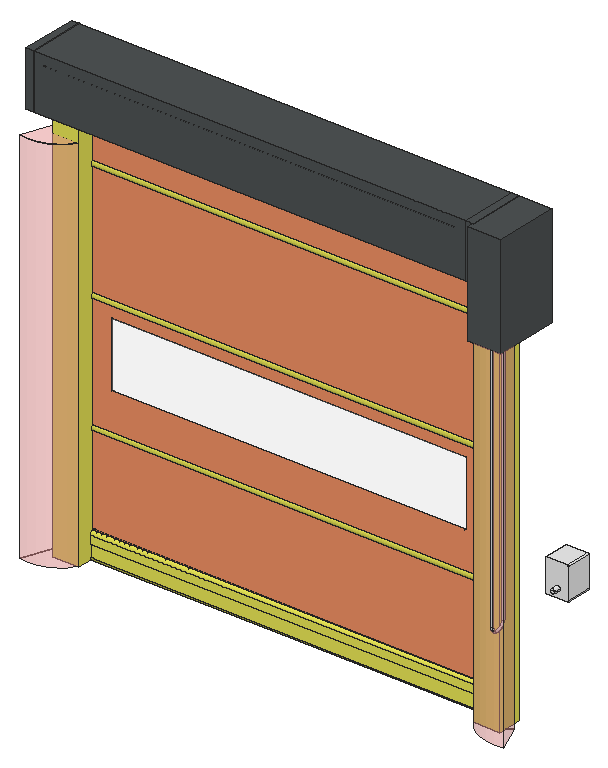
Revit family "Doors_Industrial_Wayne-Dalton_Strutted-Exterior-High-Speed-Fabric-Doors-Model-883-ADV-Xtreme_", category Specialty Equipment, host Wall, Revit 2019
Family settings
  Host = Wall
  Round Connector Dimension = Use Diameter
  Part Type = Normal
  OmniClass Number = 23.30.10.21.34
  OmniClass Title = Industrial Doors
  Always vertical = Yes
  Cut with Voids When Loaded = No
  Shared = No
  Room Calculation Point = No
Parameters (values of type "115 volts, one phase, 60 Hz (110-120V range)")
  Vision Panels [instance] = yes
  True Width [instance] = [Door Width (Real)]  # 120"
  True Height [instance] = [Door Height (Real)] + 6 1/2"  # 126 1/2"
  Three Phase Controller [instance] = not(One Phase Controller)  # no
  Rough Width [instance] = [Door Width (Real)]  # 120"
  Rough Height [instance] = [Door Height (Real)] - 4 1/2"  # 115 1/2"
  Product Page URL = "https://www.wayne-dalton.com/high-speed-exterior-fabric-door-883"
  Powder Coat (Note) = "Standard color for guides and bottom bar is yellow. Approximately 200 optional RAL powder coat colors are also available."  # constant formula
  Panel Material [instance] = PVC - Wayne Dalton - Orange (Exterior)
  One Phase Controller [instance] = if(Number of Poles = 1, 1 = 1, 1 = 2)  # yes
  Motor Cover [instance] = yes
  Hood Type [instance] = if(or(Hood Option < 1, Hood Option = 1), "Standard", "Sloped")  # "Standard"
  Hood Material = Metal - Wayne Dalton - Black
  Headroom Height [instance] = if(or(Hood Option < 1, Hood Option = 1), 27 1/2", if(or(Hood Option > 2, Hood Option = 2), 36 1/2", 36 1/2"))  # 27 1/2"
  Hood Option [instance] = 1
  External Transformer = if(or(Voltage = 208 V, Voltage = 575 V), 1 = 1, 1 = 2)  # no
  Door Width (Real) [instance] = if(Door Width > Max Door Width, Max Door Width, if(Door Width < Min Door Width, Min Door Width, Door Width))  # 120"
  Door Height (Real) [instance] = if(Door Height > Max Door Height, Max Door Height, if(Door Height < Min Door Height, Min Door Height, Door Height))  # 120"
  Voltage = 115 V
  URL = "https://www.wayne-dalton.com/"
  Product data url = "https://www.bimobject.com/wayne-dalton/product/high-speed-exterior-fabric-door-883"
  Product Guid = "d8381a5e-ac78-4f47-b5df-83490f72bf0d"
  Power Factor = 1
  Number of Poles = 1
  Model = "883"  # constant formula
  Min Door Width [instance] = 48"  # constant formula
  Min Door Height [instance] = 72"  # constant formula
  Max Door Width [instance] = 240"  # constant formula
  Max Door Height [instance] = 240"  # constant formula
  Manufacturer = "Wayne Dalton"  # constant formula
  Frequency = 60 Hz  # constant formula
  Wall Closure = By host
  Floor To (CL) of Shaft [instance] = [Door Height (Real)] + 5 1/2"  # 125 1/2"
  Connector Description = "Rapidflex Large Control Panel"  # constant formula
  Finish Material = Finish - Wayne Dalton - Yellow
  Door Width [instance] = 120"
  Door Height [instance] = 120"
  Description = "Made of a rugged fabric material, Wayne Dalton’s Model 883 ADV-Xtreme strutted high speed fabric door is designed for applications where a fast-acting exterior door is needed. Model 883 ADV-Xtreme’s strutted design allows for quick section replacement, while reducing curtain deflection under pressure. This door is capable of withstanding pressure of up to 19.5 psf. Model 883 ADV-Xtreme is designed to be low maintenance and includes such features as breakaway impact detection and push button self-repair, along with plug and play wiring."  # constant formula
  Current = 20 A
  Clearance [instance] = yes
  Backroom Depth [instance] = 17 1/4"  # constant formula
  Apparent Load Phase 3 = if(Number of Poles = 1, 0 VA, (Voltage * Current * sqrt(3)) / 3)  # 0 VA
  Apparent Load Phase 2 = if(Number of Poles = 1, 0 VA, (Voltage * Current * sqrt(3)) / 3)  # 0 VA
  Apparent Load Phase 1 = if(Number of Poles = 1, Voltage * Current, (Voltage * Current * sqrt(3)) / 3)  # 2300 VA
Reference planes (in)
  plane 1 "Center (Front/Back)": y = 0
  plane 2 "Center (Left/Right)": x = 0
  plane 3 "Left": x = -60
  plane 4 "Right": x = 60
  plane 5 "Exterior": y = 3.00375
  plane 6 "Interior": y = -2.99625
  plane 7: x = 60
  plane 8: x = -60
  plane 9: z = 115.5
  plane 10 "Main": y = -7.11344
  plane 11: y = -20.24625
  plane 12 "Main Door Block": y = -2.99625
  plane 13: z = 47.47
  plane 14: y = -5.16813
  plane 15: y = -5.24829
  plane 16: y = -5.08796
  plane 17: z = 120
Lines and regions (in)
  Opening 1
    outline origin (-90, -2.99625, 0) x (1, 0, 0) y (0, 0, 1)
      loop
        line (30, 0) -> (150, 0) -> (150, 115.5) -> (30, 115.5) -> (30, 0)
Text (in)
  text "Exterior" at (-74.96733, -29.37398, 0), in view "Ref. Level"
  text "Interior" at (-74.96733, 20.10035, 0), in view "Ref. Level"
  text "Exterior" at (0, 40.15149, 123.01588), in view "Right"
  text "Interior" at (0, -64.39139, 123.01588), in view "Right"
  text "Interior" at (0, -31.01599, 123.00693), in view "Left"
  text "Exterior" at (0, 54.57065, 123.00693), in view "Left"
Dimensions and locks (in)
  equal spacing: plane 3 "Left", plane 2 "Center (Left/Right)", plane 4 "Right"
  "Door Width (Real)": plane 3 "Left" to plane 4 "Right"
  level to host wall = 459.59655"
  equal spacing: plane 8, plane 2 "Center (Left/Right)", plane 7
  "Rough Width": plane 7 to plane 8
  "Backroom Depth": plane 6 "Interior" to plane 11
  plane 9 to level = 115 1/2"
  locked: plane 12 "Main Door Block" to plane 10 "Main" at 4.11719
  plane 1 "Center (Front/Back)" to plane 6 "Interior" = 2.99625"
  locked: plane 14 to plane 6 "Interior" at 2.17187
  locked: plane 15 to plane 16 at 0.16033
  equal spacing: plane 15, plane 14, plane 16
  locked: plane 17 to plane 9 at 4.5
  "Door Height (Real)": plane 17 to level
  aligned and locked: Opening 1 sketch curve to level
  aligned and locked: plane 5 "Exterior" to host wall
  aligned and locked: host wall to plane 6 "Interior"
  aligned and locked: plane 8 to Opening 1 sketch curve
  aligned and locked: plane 7 to Opening 1 sketch curve
  aligned and locked: plane 12 "Main Door Block" to plane 6 "Interior"
  aligned and locked: plane 12 "Main Door Block" to nested 1
  aligned and locked: nested 1 to plane 2 "Center (Left/Right)"
  aligned and locked: level to nested 1
  aligned and locked: Opening 1 sketch curve to plane 9
  aligned and locked: plane 2 "Center (Left/Right)" to nested 2
Nested families (in)
  nested 1: "Lifts" at (0, -2.99625, 0) x (-1, 0, 0) z (0, 0, 1), Motor Cover <- "Motor Cover", One Phase Controller <- "One Phase Controller", Three Phase Controller <- "Three Phase Controller", Header Option <- "Hood Option", type "Frame Unit"
    with Three Phase Controller no, Standard Motor Housing yes, Standard Headroom with Break Cover yes, Standard Headroom Hood yes, Sloped Motor Housing no, Sloped Headroom Hood no, Shaft Length 9 1/2", Rod 2 no, Right Motor Position yes, One Phase Controller yes, Motor Cover Off no, Motor Cover yes, Masking Region Right Motor Three Phase no, Masking Region Right Motor no, Headroom Offset 0", Header Option 1, Guid Option 1, Floor To CL Shaft 134 3/4", Electric Operator Position 171 1/2"
  nested 2: "Panel" at (0, -5.08796, 0), type "Panel"
Connectors (in)
  electrical at (85.75194, -10.53625, 47.99806), driven by "Number of Poles", driven by "Voltage", driven by "Apparent Load Phase 1", driven by "Power Factor", driven by "Connector Description", driven by "Apparent Load Phase 2", driven by "Apparent Load Phase 3"
    settings: on nested 1, index 1, voltage 115 V, apparent load 0 VA, apparent load phase1 2300 VA, apparent load phase2 0 VA, apparent load phase3 0 VA, power factor 1, load classification "Other", number of poles 1, system type 31, power factor state 1, is connector primary yes, connector utility no, sub classification motor no, connector description "Rapidflex Large Control Panel"
Definition of nested family "Lifts"
  Parameters (values of type "Frame Unit")
    Three Phase Controller [instance] = no
    Standard Motor Housing [instance] = if(and(Motor Cover, or(Header Option < 1, Header Option = 1)), 1 = 1, 1 = 2)  # no
    Standard Headroom with Break Cover [instance] = yes
    Standard Headroom Hood [instance] = if(and(Hood Option, or(Header Option < 1, Header Option = 1, Header Option = 2)), 1 = 1, 1 = 2)  # yes
    Spool Radius = 4 1/2"
    Sloped Motor Housing [instance] = if(and(Motor Cover, or(Header Option > 2, Header Option = 2)), 1 = 1, 1 = 2)  # yes
    Sloped Headroom Hood [instance] = if(and(Hood Option, or(Header Option > 2, Header Option = 2)), 1 = 1, 1 = 2)  # yes
    Shaft Material = none
    Shaft Length [instance] = 9 1/2"  # constant formula
    Rod 2 [instance] = if(and(not(Motor Cover), Right Motor Position), 1 = 1, 1 = 2)  # no
    Right Motor Position [instance] = yes
    Opening Width = 120"
    One Phase Controller [instance] = yes
    Naked Header = not(Hood Option)  # no
    Motor Cover Off [instance] = not(Motor Cover)  # no
    Motor Cover [instance] = yes
    Masking Region Right Motor Three Phase [instance] = if(and(Right Motor Position, Three Phase Controller), 1 = 1, 1 = 2)  # no
    Masking Region Right Motor [instance] = if(and(Right Motor Position, Motor Cover Off), 1 = 1, 1 = 2)  # no
    Hood Option = yes
    Hood Offset (Real) = if(Hood Offset < 4 1/2", 4 1/2", if(Hood Offset > Opening Height / 2, Opening Height / 2, Hood Offset))  # 4 1/2"
    Hood Offset = 0"
    Hood Material = none
    Headroom Offset [instance] = if(or(Header Option < 1, Header Option = 1), 0", if(or(Header Option > 2, Header Option = 2), 9", 9"))  # 9"
    Headroom Height = 27 1/2"
    Header Width = 17 1/4"
    Header Option [instance] = 2
    Header Height = 16 1/2"
    Guid Width = 8"
    Guid Option [instance] = 1
    Floor To CL Shaft [instance] = Opening Height + Headroom Height - 8 1/4" - Headroom Offset  # 125 3/4"
    External Transformer = no
    Electric Operator Position [instance] = if(Right Motor Position, (25 3/4" * 2 + Opening Width), 0")  # 171 1/2"
    Clearance = yes
    Opening Height = 115 1/2"
    Finish Material = none
    Bottom Bar = yes
    Analytic Construction = "<None>"
  Reference planes (in)
    plane 1 "Center (Front/Back)": y = 0
    plane 2: z = 0
    plane 3 "Center (Left/Right)": x = 0
    plane 4 "Left": x = -60
    plane 5 "Right": x = 60
    plane 6 "Center Line of Shaft": z = 125.75
    plane 7 "Headroom Top": z = 134
    plane 8 "Opening Height": z = 115.5
    plane 9: x = -77.38
    plane 10 "Shaft": x = -75.54413
    plane 11 "Box": x = -85.75
    plane 12 "EBOX": z = 48
    plane 13: z = 39.09375
    plane 14: z = 56.90625
    plane 15: z = 43.5
    plane 16: y = 7.54
    plane 17: z = 117.5
    plane 18: y = 17.25
    plane 19: x = 69.5
    plane 20: x = 68
    plane 21: x = -68
    plane 22: x = -78
    plane 23: x = -93.5
    plane 24: y = 5.75
    plane 25: y = 2.17
    plane 26 "Center L/MM": x = 85.75
    plane 27: z = 53
    plane 28: z = 43
    plane 29: x = -82.25
    plane 30: x = -89.25
    plane 31: y = 7.54
    plane 32 "1": z = 45.56
    plane 33 "Sloped motor LH": x = -71.125
    plane 34 "Sloped motor RH": x = 71.125
    plane 35: z = 143
    plane 36: y = 5.75
  Forms (in)
    Extrusion 1, solid, material <- "Shaft Material"
      sketch origin (0, 0, 0) x (0, 1, 0) y (0, 0, 1)
        loop
          circle (8.625, 125.75) r 0.78
      from -77.38 to 69.5
    Extrusion 2, solid, visible <- "Three Phase Controller"
      sketch origin (-1.95651, 0, 0) x (1, 0, 0) y (0, 0, 1)
        loop
          line (-76.54349, 56.90625) -> (-91.04349, 56.90625)
          arc (-91.04349, 56.90625) -> (-91.39704, 56.7598) -> (-91.54349, 56.40625) r 0.5
          line (-91.54349, 56.40625) -> (-91.54349, 39.59375)
          arc (-91.54349, 39.59375) -> (-91.39704, 39.2402) -> (-91.04349, 39.09375) r 0.5
          line (-91.04349, 39.09375) -> (-76.54349, 39.09375)
          arc (-76.54349, 39.09375) -> (-76.18993, 39.2402) -> (-76.04349, 39.59375) r 0.5
          line (-76.04349, 39.59375) -> (-76.04349, 56.40625)
          arc (-76.04349, 56.40625) -> (-76.18993, 56.7598) -> (-76.54349, 56.90625) r 0.5
      from -7.54 to 0
    Revolve 3, solid, visible <- "Three Phase Controller"
      sketch origin (-55.03203, -180, 43.5) x (-1, 0, 0) y (0, -1, 0)
        loop
          line (27.35797, -187.54) -> (26.60797, -187.54) -> (26.75797, -189.312) -> (27.35797, -189.312) -> (27.35797, -187.54)
        axis (27.35797, -187.54) -> (27.35797, -189.312)
      angle from 0 to 360
    Extrusion 4, solid, material <- "Finish Material"
      sketch origin (0, 0, 0) x (1, 0, 0) y (0, 1, 0)
        loop
          line (-68, 0) -> (-60, 0) -> (-60, 7.21875) -> (-68, 7.21875) -> (-68, 0)
        loop
          line (68, 0) -> (68, 7.21875) -> (60, 7.21875) -> (60, 0) -> (68, 0)
      from 0 to 117.5
    Extrusion 5, solid, material <- "Hood Material", visible <- "Standard Headroom Hood"
      sketch origin (0, 0, 0) x (0, 1, 0) y (0, 0, 1)
        loop
          line (0, 117.5) -> (17.25, 117.5) -> (17.25, 134) -> (0, 134) -> (0, 117.5)
      from -68 to 68
    Sweep 6, solid, material <- "Hood Material"
      path origin (0, 0, 0) x (0, 1, 0) y (0, 0, 1)
        loop
          line (0, 117.5) -> (17.25, 117.5) -> (17.25, 134) -> (0, 134) -> (0, 117.5)
      profile origin (0, 0, 125.75) x (0, -1, 0) y (1, 0, 0)
        loop
          line (0, -68) -> (0, -65.8) -> (-0.5, -65.8) -> (-0.5, -68) -> (0, -68)
        loop
          line (0, 68) -> (-0.5, 68) -> (-0.5, 65.80145) -> (0, 65.80145) -> (0, 68)
    Extrusion 7, solid, material <- "Hood Material"
      sketch origin (0, 0, 0) x (1, 0, 0) y (0, 1, 0)
        loop
          line (68, 0) -> (68, 17.25) -> (67.495, 17.25) -> (67.495, 0) -> (68, 0)
        loop
          line (-68, 0) -> (-67.495, 0) -> (-67.495, 17.25) -> (-68, 17.25) -> (-68, 0)
      from 117.5 to 134
    Extrusion 8, solid, material <- "Hood Material"
      sketch origin (-60, -60, 48) x (0, -1, 0) y (0, 0, 1)
        loop
          circle (-68.62, 77.75) r 4.5
      from 7.24519 to 6.06954
    Extrusion 9, solid, visible <- "External Transformer"
      sketch origin (0, 0, 48) x (1, 0, 0) y (0, 1, 0)
        loop
          line (-92.625, 0) -> (-78.875, 0) -> (-78.875, 0.125) -> (-81.25, 0.125) -> (-81.25, 9.3125) -> (-90.25, 9.3125) -> (-90.25, 0.125) -> (-92.625, 0.125) -> (-92.625, 0)
      from -19.13 to -10
    Extrusion 10, solid, visible <- "Clearance"
      sketch origin (0, 0, 0) x (1, 0, 0) y (0, 1, 0)
        loop
          arc (-60, 7.21875) -> (-65.92575, 12.04695) -> (-73.5406, 12.71032) r 13
          line (-73.5406, 12.71032) -> (-70.07548, 4.13387) -> (-68, 5.33215) -> (-68, 7.21875) -> (-60, 7.21875)
        loop
          line (60, 7.21875) -> (68, 7.21875) -> (68, 5.33215) -> (70.07548, 4.13387) -> (73.5406, 12.71032)
          arc (73.5406, 12.71032) -> (65.92575, 12.04695) -> (60, 7.21875) r 13
      from 0 to 115.5
    Extrusion 11, solid, material <- "Finish Material"
      sketch origin (0, 0, 0) x (0, 1, 0) y (0, 0, 1)
        loop
          arc (3.09, 7.16) -> (2.86326, 7.8255) -> (2.27736, 8.21412) r 1.09
          arc (2.27736, 8.21412) -> (2.24377, 8.18602) -> (2.22831, 8.14505) r 0.08624
          arc (2.22831, 8.14505) -> (2.17, 7.81318) -> (2.11169, 8.14505) r 0.17106
          arc (2.11169, 8.14505) -> (2.09623, 8.18602) -> (2.06264, 8.21412) r 0.08624
          arc (2.06264, 8.21412) -> (1.47674, 7.8255) -> (1.25, 7.16) r 1.09
          line (1.25, 7.16) -> (1.25, 4.64381) -> (1.48036, 4.64381) -> (1.48036, 0.69)
          arc (1.48036, 0.69) -> (1.68233, 0.20222) -> (2.17, 0) r 0.69
          arc (2.17, 0) -> (2.65767, 0.20222) -> (2.85964, 0.69) r 0.69
          line (2.85964, 0.69) -> (2.85964, 4.64381) -> (3.09, 4.64381) -> (3.09, 7.16)
      from -60 to 60
    Extrusion 12, solid, visible <- "One Phase Controller"
      sketch origin (0, 0, 0) x (1, 0, 0) y (0, 0, 1)
        loop
          line (-82.66553, 53) -> (-88.85, 53)
          arc (-88.85, 53) -> (-89.13284, 52.88284) -> (-89.25, 52.6) r 0.4
          line (-89.25, 52.6) -> (-89.25, 43.4)
          arc (-89.25, 43.4) -> (-89.13284, 43.11716) -> (-88.85, 43) r 0.4
          line (-88.85, 43) -> (-82.65, 43)
          arc (-82.65, 43) -> (-82.36716, 43.11716) -> (-82.25, 43.4) r 0.4
          line (-82.25, 43.4) -> (-82.25, 52.58447)
          arc (-82.25, 52.58447) -> (-82.37171, 52.87829) -> (-82.66553, 53) r 0.41553
      from -7.54 to 0
    Revolve 13, solid, visible <- "One Phase Controller"
      sketch origin (0, 0, 45.56) x (-1, 0, 0) y (0, -1, 0)
        loop
          line (85.75, -9.3125) -> (85.75, -7.54) -> (85, -7.54) -> (85.15, -9.3125) -> (85.75, -9.3125)
        axis (85.75, -9.3125) -> (85.75, -7.54)
      angle from 0 to 360
    Extrusion 14, solid, material <- "Hood Material"
      sketch origin (60, -60, 48) x (0, -1, 0) y (0, 0, -1)
        loop
          circle (-68.62, -77.75) r 4.5
      from 7.24519 to 6.06954
    Extrusion 15, solid, material <- "Hood Material", visible <- "Sloped Headroom Hood"
      sketch origin (0, 0.784, 29.19) x (0, 1, 0) y (0, 0, 1)
        loop
          line (16.466, 88.31) -> (16.466, 106.31) -> (-0.784, 113.81) -> (-0.784, 88.31) -> (16.466, 88.31)
        loop
          line (15.966, 104.31) -> (-0.284, 104.31) -> (-0.284, 88.81) -> (15.966, 88.81) -> (15.966, 104.31)
      from -68 to 68
  Cuts and joins
    joined: Sweep 6, Extrusion 7
  Lines and regions (in)
    Masking region 1, visible <- "Three Phase Controller"
      outline origin (0, 0, 0) x (1, 0, 0) y (0, 1, 0)
        loop
          line (-93.5, 0) -> (-78, 0) -> (-78, 7.54) -> (-93.5, 7.54) -> (-93.5, 0)
    Masking region 2, visible <- "Masking Region Right Motor Three Phase"
      outline origin (0, 0, 0) x (1, 0, 0) y (0, 1, 0)
        loop
          line (-81.64, 7.54) -> (-81.79, 9.312) -> (-82.99, 9.312) -> (-83.14, 7.54) -> (-81.64, 7.54)
    Masking region 3, visible <- "External Transformer"
      outline origin (0, 0, 0) x (1, 0, 0) y (0, 1, 0)
        loop
          line (-90.25, 7.54) -> (-81.25, 7.54) -> (-81.25, 9.3125) -> (-90.25, 9.3125) -> (-90.25, 7.54)
    Masking region 4, not visible
      outline origin (-205.49871, -5.75, 0) x (0, 1, 0) y (-1, 0, 0)
        loop
          line (13.29, -115.63871) -> (13.29, -117.13871) -> (15.062, -116.98871) -> (15.062, -115.78871) -> (13.29, -115.63871)
    Masking region 5, visible <- "Hood Option"
      outline origin (0, 0, 0) x (1, 0, 0) y (0, 1, 0)
        loop
          line (-68, 17.25) -> (-68, 0) -> (68, 0) -> (68, 17.25) -> (-68, 17.25)
    Masking region 6, visible <- "One Phase Controller"
      outline origin (0, 0, 0) x (1, 0, 0) y (0, 1, 0)
        loop
          line (-89.25, 7.54) -> (-89.25, 0) -> (-82.27704, 0) -> (-82.27704, 7.54) -> (-89.25, 7.54)
    Masking region 7, visible <- "One Phase Controller"
      outline origin (0, 0, 0) x (1, 0, 0) y (0, 1, 0)
        loop
          line (-86.35, 9.3125) -> (-86.5, 7.54) -> (-85, 7.54) -> (-85.15, 9.3125) -> (-86.35, 9.3125)
    Masking region 8, visible <- "Right Motor Position"
      outline origin (0, 0, 0) x (1, 0, 0) y (0, 1, 0)
        loop
          line (68, 9.40101) -> (68, 7.84631) -> (69.5, 7.84631) -> (69.5, 9.40101) -> (68, 9.40101)
    Masking region 9, visible <- "Rod 2"
      outline origin (0, 0, 0) x (0, 1, 0) y (-1, 0, 0)
        loop
          line (9.40101, 77.38) -> (7.84631, 77.38) -> (7.84631, 76.22375) -> (8.19397, 76.22375) -> (8.19397, 75.69375) -> (9.40101, 75.69375) -> (9.40101, 77.38)
        loop
          line (9.40101, 68) -> (9.40101, 69.93) -> (8.71101, 69.93) -> (8.71101, 71.16) -> (9.40101, 71.16) -> (9.40101, 71.76) -> (8.19397, 71.76) -> (8.19397, 71.23) -> (7.84631, 71.23) -> (7.84631, 68) -> (9.40101, 68)
    symbolic lines, not visible
      curve 1: line (-65.8, 7.78111, 0) -> (-65.8, 6.21995, 0)
      curve 2: line (65.80145, 7.78111, 0) -> (65.80145, 5.875, 0)
      curve 3: line (60, 1.09992, 0) -> (60, 0, 0)
    symbolic lines
      curve 4: line (-65.8, 17.25, 0) -> (-65.8, 0, 0)
      curve 5: line (65.80145, 17.25, 0) -> (65.80145, 0, 0)
  Dimensions and locks (in)
    equal spacing: plane 4 "Left", plane 3 "Center (Left/Right)", plane 5 "Right"
    "Opening Width": plane 4 "Left" to plane 5 "Right"
    "Header Height": plane 7 "Headroom Top" to plane 17
    "Opening Height": plane 8 "Opening Height" to level
    locked: level to plane 12 "EBOX" at 48
    locked: plane 11 "Box" to Revolve 3 sketch curve at 3.36
    equal spacing: plane 14, plane 12 "EBOX", plane 13
    locked: plane 12 "EBOX" to plane 15 at 4.5
    locked: plane 13 to plane 14 at 17.8125
    locked: plane 10 "Shaft" to plane 4 "Left" at 15.54413
    plane 11 "Box" to plane 10 "Shaft" = 10.20587"
    locked: plane 16 to plane 1 "Center (Front/Back)" at 7.54
    locked: Revolve 3 sketch curve to Revolve 3 sketch curve at 0.6
    locked: Revolve 3 sketch curve to Revolve 3 sketch curve at 0.75
    locked: plane 16 to Revolve 3 sketch curve at 1.772
    "Guid Width": Extrusion 4 sketch curve to plane 4 "Left"
    locked: plane 1 "Center (Front/Back)" to Extrusion 4 sketch curve at 7.21875
    "Header Width": plane 1 "Center (Front/Back)" to Extrusion 5 sketch curve
    Extrusion 5 to plane 4 "Left" = 8"
    plane 5 "Right" to Extrusion 5 = 8"
    "Header Width": plane 1 "Center (Front/Back)" to Sweep 6 sketch curve
    "Header Width": plane 1 "Center (Front/Back)" to Extrusion 7 sketch curve  (x2)
    "Header Width": plane 1 "Center (Front/Back)" to plane 18
    plane 21 to nested 1 = 5.729"
    "Guid Width": plane 4 "Left" to plane 21
    "Guid Width": plane 5 "Right" to plane 20
    locked: Extrusion 7 sketch curve to plane 20 at 0.505
    locked: plane 21 to Extrusion 7 sketch curve at 0.505
    locked: plane 11 "Box" to plane 23 at 7.75
    locked: plane 22 to plane 11 "Box" at 7.75
    locked: plane 1 "Center (Front/Back)" to Extrusion 9 sketch curve at 0.125
    locked: plane 11 "Box" to Extrusion 9 sketch curve at 4.5
    locked: Extrusion 9 sketch curve to plane 11 "Box" at 4.5
    locked: Extrusion 9 sketch curve to plane 11 "Box" at 6.875
    locked: plane 11 "Box" to Extrusion 9 sketch curve at 6.875
    plane 1 "Center (Front/Back)" to Extrusion 9 sketch curve = 9 5/16"
    locked: plane 18 to Extrusion 8 sketch curve at 8.63
    plane 18 to Extrusion 1 sketch curve = 8 5/8"
    locked: Extrusion 4 sketch curve to Extrusion 4 sketch curve at 7.21875
    "Guid Width": Extrusion 4 sketch curve to Extrusion 4 sketch curve
    plane 20 to plane 21 = 136"
    locked: cut or joined group of Sweep 6, Extrusion 7 to Sweep 6 sketch curve at 0.5
    locked: plane 1 "Center (Front/Back)" to plane 25 at 2.17
    "Electric Operator Position": plane 11 "Box" to plane 26 "Center L/MM"
    equal spacing: Masking region 1 sketch curve, plane 11 "Box", Masking region 1 sketch curve
    locked: Masking region 1 sketch curve to Masking region 1 sketch curve at 15.5
    "Floor To CL Shaft": plane 6 "Center Line of Shaft" to plane 2
    plane 8 "Opening Height" to level = 115 1/2"
    equal spacing: plane 28, plane 12 "EBOX", plane 27
    locked: plane 28 to plane 27 at 10
    locked: plane 1 "Center (Front/Back)" to plane 31 at 7.54
    locked: plane 31 to Revolve 13 sketch curve at 1.7725
    locked: plane 12 "EBOX" to plane 32 "1" at 2.44
    locked: plane 11 "Box" to Revolve 13 sketch curve at 0.75
    locked: plane 11 "Box" to Revolve 13 sketch curve at 0.6
    locked: Extrusion 11 sketch curve to plane 2 at 8.22233
    equal spacing: Extrusion 11 sketch curve, plane 25, Extrusion 11 sketch curve  (x2)
    locked: Extrusion 11 sketch curve to Extrusion 11 sketch curve at 1.37927
    locked: Extrusion 11 sketch curve to plane 2 at 4.64381
    locked: Extrusion 11 sketch curve to plane 2 at 7.98424
    equal spacing: plane 34 "Sloped motor RH", plane 3 "Center (Left/Right)", plane 33 "Sloped motor LH"
    locked: plane 4 "Left" to plane 33 "Sloped motor LH" at 11.125
    "Shaft Length": plane 5 "Right" to plane 19
    locked: plane 9 to plane 4 "Left" at 17.38
    "Headroom Offset": plane 35 to plane 7 "Headroom Top"
    "Headroom Height": plane 35 to plane 8 "Opening Height"
    locked: plane 29 to plane 11 "Box" at 3.5
    locked: plane 11 "Box" to plane 30 at 3.5
    locked: plane 20 to plane 26 "Center L/MM" at 17.75
    plane 5 "Right" to plane 26 "Center L/MM" = 25 3/4"
    locked: plane 1 "Center (Front/Back)" to Extrusion 10 sketch curve at 13
    locked: plane 21 to Sweep 6 sketch curve at 2.2
    locked: Sweep 6 sketch curve to plane 20 at 2.19855
    locked: Extrusion 14 to plane 20 at 0.75481
    locked: plane 21 to Extrusion 8 at 0.75481
    locked: Extrusion 8 to Extrusion 8 at 1.17565
    locked: Extrusion 14 to Extrusion 14 at 1.17565
    locked: Extrusion 11 sketch curve to Extrusion 11 sketch curve at 1.84
    locked: Extrusion 15 sketch curve to cut or joined group of Sweep 6, Extrusion 7 at 0.5
    locked: plane 18 to Extrusion 14 sketch curve at 8.63
    locked: plane 9 to Masking region 9 sketch curve at 1.68625
    locked: Masking region 9 sketch curve to plane 21 at 1.93
    locked: Masking region 9 sketch curve to Masking region 9 sketch curve at 1.23
    locked: Masking region 9 sketch curve to Masking region 9 sketch curve at 0.6
    locked: Masking region 9 sketch curve to Masking region 9 sketch curve at 1.20704
    locked: Masking region 9 sketch curve to Masking region 9 sketch curve at 0.69
    locked: Extrusion 15 sketch curve to Extrusion 15 sketch curve at 25.5
    plane 26 "Center L/MM" to plane 19 = 16 1/4"
    locked: Extrusion 1 sketch curve to Extrusion 1 sketch curve (radius 0.78")
    "Spool Radius": radius of Extrusion 8 sketch curve
    "Spool Radius": radius of Extrusion 14 sketch curve
    radius of Extrusion 10 sketch curve = 13"  (x2)
    locked: Revolve 3 to Masking region 2 sketch curve (angle 85.1614°)
    locked: Masking region 2 sketch curve to Revolve 3 (angle 85.1614°)
    locked: Masking region 7 sketch curve to Revolve 13 (angle 85.1628°)
    locked: Revolve 13 to Masking region 7 sketch curve (angle 85.1628°)
    locked: Extrusion 15 sketch curve to Extrusion 15 sketch curve (angle 66.5014°)
    locked: Extrusion 15 sketch curve to Extrusion 15 sketch curve (angle 113.499°)
    aligned and locked: plane 2 to level
    aligned and locked: plane 9 to Extrusion 1
    aligned and locked: Extrusion 2 to plane 1 "Center (Front/Back)"
    aligned and locked: Extrusion 2 sketch curve to plane 13
    aligned and locked: plane 14 to Extrusion 2 sketch curve
    aligned and locked: Revolve 3 sketch curve to Revolve 3 sketch curve
    aligned and locked: plane 16 to Revolve 3 sketch curve
    aligned and locked: plane 1 "Center (Front/Back)" to Extrusion 5 sketch curve
    aligned and locked: Extrusion 5 sketch curve to plane 7 "Headroom Top"
    aligned and locked: Extrusion 5 to plane 17
    aligned and locked: plane 17 to Extrusion 5 sketch curve
    aligned and locked: plane 17 to Extrusion 4
    aligned and locked: plane 1 "Center (Front/Back)" to Sweep 6 sketch curve
    aligned and locked: Sweep 6 sketch curve to plane 7 "Headroom Top"
    aligned and locked: Sweep 6 sketch curve to plane 17
    aligned and locked: profile plane to Sweep 6 sketch curve
    aligned and locked: Extrusion 7 sketch curve to plane 1 "Center (Front/Back)"  (x2)
    aligned and locked: plane 7 "Headroom Top" to Extrusion 7
    aligned and locked: Extrusion 7 to plane 17
    aligned and locked: Masking region 2 sketch curve to Revolve 3  (x2)
    aligned and locked: Extrusion 1 to plane 19
    aligned and locked: Extrusion 7 sketch curve to plane 21
    aligned and locked: Extrusion 7 sketch curve to plane 20
    aligned and locked: plane 22 to Extrusion 2 sketch curve
    aligned and locked: plane 23 to Extrusion 2 sketch curve
    aligned and locked: Extrusion 9 sketch curve to plane 1 "Center (Front/Back)"
    aligned and locked: Extrusion 9 sketch curve to Extrusion 9 sketch curve
    aligned and locked: Masking region 3 sketch curve to Extrusion 9  (x2)
    aligned and locked: Extrusion 9 to Masking region 3 sketch curve
    aligned and locked: plane 6 "Center Line of Shaft" to Extrusion 8 sketch curve
    aligned and locked: plane 6 "Center Line of Shaft" to Extrusion 1 sketch curve
    aligned and locked: Extrusion 4 sketch curve to plane 1 "Center (Front/Back)"  (x2)
    aligned and locked: plane 20 to Extrusion 4 sketch curve
    aligned and locked: Extrusion 10 to level
    aligned and locked: cut or joined group of Sweep 6, Extrusion 7 to plane 21
    aligned and locked: cut or joined group of Sweep 6, Extrusion 7 to plane 18  (x2)
    aligned and locked: cut or joined group of Sweep 6, Extrusion 7 to plane 1 "Center (Front/Back)"
    aligned and locked: plane 1 "Center (Front/Back)" to cut or joined group of Sweep 6, Extrusion 7
    aligned and locked: plane 20 to cut or joined group of Sweep 6, Extrusion 7
    aligned and locked: Sweep 6 sketch curve to cut or joined group of Sweep 6, Extrusion 7
    aligned and locked: Extrusion 5 to plane 21
    aligned and locked: plane 20 to Extrusion 5
    aligned and locked: plane 7 "Headroom Top" to nested 1
    aligned and locked: plane 8 "Opening Height" to Extrusion 10
    aligned and locked: nested 1 to plane 21
    aligned and locked: Extrusion 11 to plane 5 "Right"
    aligned and locked: plane 4 "Left" to Extrusion 11
    aligned and locked: plane 18 to Masking region 5 sketch curve
    aligned and locked: Masking region 5 sketch curve to plane 1 "Center (Front/Back)"
    aligned and locked: Masking region 5 sketch curve to plane 21
    aligned and locked: Masking region 5 sketch curve to plane 20
    aligned and locked: cut or joined group of Sweep 6, Extrusion 7 to curve 2
    aligned and locked: curve 1 to cut or joined group of Sweep 6, Extrusion 7
    aligned and locked: plane 27 to Extrusion 12 sketch curve
    aligned and locked: Extrusion 12 sketch curve to plane 28
    aligned and locked: Extrusion 12 sketch curve to plane 29
    aligned and locked: plane 1 "Center (Front/Back)" to Extrusion 12
    aligned and locked: Revolve 13 sketch curve to Revolve 13 sketch curve
    aligned and locked: Revolve 13 sketch curve to plane 31
    aligned and locked: Masking region 7 sketch curve to Revolve 13
    aligned and locked: Masking region 3 to Masking region 7 sketch curve
    aligned and locked: Extrusion 11 sketch curve to Extrusion 11 sketch curve
    aligned and locked: plane 25 to Extrusion 11 sketch curve
    aligned and locked: plane 4 "Left" to Extrusion 10 sketch curve
    aligned and locked: plane 21 to Sweep 6 sketch curve
    aligned and locked: Sweep 6 sketch curve to Sweep 6 sketch curve
    aligned and locked: plane 6 "Center Line of Shaft" to Extrusion 14 sketch curve
    aligned and locked: plane 19 to Masking region 8 sketch curve  (x2)
    aligned and locked: plane 20 to Masking region 8 sketch curve  (x2)
    aligned and locked: Extrusion 15 to plane 18
    aligned and locked: plane 1 "Center (Front/Back)" to Extrusion 15
    aligned and locked: Extrusion 15 to plane 17
    aligned and locked: Extrusion 15 to plane 21
    aligned and locked: plane 20 to Extrusion 15
    aligned and locked: nested 1 to plane 1 "Center (Front/Back)"
    aligned and locked: Masking region 9 sketch curve to Masking region 9 sketch curve
    aligned and locked: plane 9 to Masking region 9 sketch curve
    aligned and locked: Extrusion 2 to Masking region 6
    aligned and locked: Masking region 4 to Extrusion 2
    aligned and locked: Extrusion 2 to Revolve 3
    aligned and locked: plane 18 to curve 4
    aligned and locked: curve 4 to plane 1 "Center (Front/Back)"
    aligned and locked: plane 18 to curve 5
    aligned and locked: plane 1 "Center (Front/Back)" to curve 5
    aligned and locked: Extrusion 10 sketch curve to plane 21
    aligned and locked: plane 21 to Extrusion 10 sketch curve
    aligned and locked: Extrusion 10 sketch curve to Extrusion 4
    aligned and locked: Extrusion 10 sketch curve to plane 20
    aligned and locked: plane 20 to Extrusion 10 sketch curve
    aligned and locked: plane 5 "Right" to Extrusion 10 sketch curve
  Automatic sketch dimensions
    Extrusion 2 sketch curve to Extrusion 2 sketch curve = 1/2"
    Extrusion 2 sketch curve to plane 14 = 1/2"
    Extrusion 2 sketch curve to plane 22 = 1/2"  (x2)
    Revolve 3 sketch curve to plane 18 = 7.38505"
    Revolve 3 sketch curve to plane 25 = 0.90036"
    Sweep 6 sketch curve to Sweep 6 sketch curve = 2.19855"
    Masking region 1 sketch curve to plane 1 "Center (Front/Back)" = 0"
    plane 18 to Masking region 1 sketch curve = 9.71"
    plane 11 "Box" to Masking region 2 sketch curve = 2.61"
    Masking region 2 sketch curve to Masking region 2 sketch curve = 1.2"
    Masking region 3 sketch curve to Masking region 3 sketch curve = 1.7725"
    Extrusion 11 sketch curve to plane 25 = 0"
    plane 25 to Extrusion 11 sketch curve = 0.17"
    plane 25 to Extrusion 11 sketch curve = 0.14408"
    plane 25 to Extrusion 11 sketch curve = 0.00036"
    Extrusion 11 sketch curve to plane 25 = 0.00036"
    Extrusion 11 sketch curve to plane 25 = 0.14408"
    Extrusion 11 sketch curve to plane 25 = 0.17"
    level to Extrusion 11 sketch curve = 0.69"
    Extrusion 11 sketch curve to Extrusion 11 sketch curve = 211/256"
    Extrusion 11 sketch curve to Extrusion 11 sketch curve = 0"
    Extrusion 11 sketch curve to Extrusion 11 sketch curve = 0.15185"  (x2)
    plane 25 to Extrusion 11 sketch curve = 0.05831"
    Extrusion 11 sketch curve to plane 25 = 0.05831"
    plane 18 to Masking region 4 sketch curve = 9.71"
    Masking region 4 sketch curve to Masking region 4 sketch curve = 1.772"
    Masking region 4 sketch curve to plane 11 "Box" = 2.61"
    Masking region 4 sketch curve to Masking region 4 sketch curve = 0.15"
    Masking region 4 sketch curve to Masking region 4 sketch curve = 1.2"
    Masking region 4 sketch curve to Masking region 4 sketch curve = 1 1/2"
    Extrusion 12 sketch curve to plane 30 = 0"
    Extrusion 12 sketch curve to plane 27 = 0.4"
    Extrusion 12 sketch curve to plane 15 = 0.1"  (x2)
    Extrusion 12 sketch curve to plane 27 = 0.41553"
    Revolve 13 sketch curve to plane 11 "Box" = 0"
    Revolve 13 sketch curve to plane 31 = 0"
    Revolve 13 sketch curve to Revolve 13 sketch curve = 0"
    Masking region 6 sketch curve to plane 1 "Center (Front/Back)" = 0"
    Masking region 6 sketch curve to plane 11 "Box" = 3 1/2"
    plane 11 "Box" to Masking region 6 sketch curve = 3.47296"
    plane 18 to Masking region 6 sketch curve = 9.71"
    Masking region 7 sketch curve to plane 11 "Box" = 3/4"
    plane 11 "Box" to Masking region 7 sketch curve = 0.6"
    Masking region 8 sketch curve to Masking region 8 sketch curve = 1 71/128"
    Masking region 9 sketch curve to plane 21 = 0"
    Masking region 9 sketch curve to plane 33 "Sloped motor LH" = 0.105"
    Masking region 9 sketch curve to Masking region 9 sketch curve = 0.53"
    Extrusion 15 sketch curve to plane 18 = 0"
    Extrusion 15 sketch curve to plane 35 = 0"
    Extrusion 15 sketch curve to plane 1 "Center (Front/Back)" = 1/2"
    plane 18 to Extrusion 15 sketch curve = 1/2"
    Extrusion 15 sketch curve to plane 7 "Headroom Top" = 1/2"
    Extrusion 15 sketch curve to plane 1 "Center (Front/Back)" = 0"
    curve 3 to plane 5 "Right" = 0"
    plane 1 "Center (Front/Back)" to curve 3 = 0"
    plane 21 to curve 4 = 2.2"
    curve 5 to plane 20 = 2.19855"
    plane 25 to curve 3 = 1.07008"
    curve 2 to plane 25 = 3.705"
    curve 1 to plane 25 = 4.04995"
    curve 2 to curve 2 = 1.90611"
    curve 1 to curve 1 = 1.56115"
    plane 1 "Center (Front/Back)" to Extrusion 10 sketch curve = 0"
    plane 33 "Sloped motor LH" to Extrusion 10 sketch curve = 1.04952"
    plane 33 "Sloped motor LH" to Extrusion 10 sketch curve = 0.31345"
    Extrusion 10 sketch curve to plane 10 "Shaft" = 2.00354"
    Extrusion 10 sketch curve to plane 34 "Sloped motor RH" = 1.04952"
    plane 34 "Sloped motor RH" to Extrusion 10 sketch curve = 2.4156"
    Extrusion 10 sketch curve to plane 25 = 1.96387"  (x2)
    Extrusion 10 sketch curve to Extrusion 10 sketch curve = 1.8866"  (x2)
    Masking region 8 sketch curve to plane 25 = 5.67631"
    Masking region 9 sketch curve to plane 25 = 5.67631"  (x2)
    Masking region 9 sketch curve to Masking region 9 sketch curve = 89/256"
    Masking region 9 sketch curve to Masking region 9 sketch curve = 0.51704"
    Masking region 9 sketch curve to Masking region 9 sketch curve = 0.69"
    Extrusion 4 sketch curve to plane 4 "Left" = 0"
  Nested families (in)
    nested 1: "General Motor" at (-73.729, 3.29167, 128.199), visible <- "Right Motor Position", Motor Cover <- "Motor Cover", Standard Motor Hausing <- "Standard Motor Housing", Sloped Motor Housing <- "Sloped Motor Housing", type "Family2"
      with Standard Motor Hausing no, Sloped Motor Housing yes, Motor Cover Off no, Motor Cover yes, Floor To Cl Shaft 125 3/4"
  Definition of nested family "General Motor"
    Parameters (values of type "Family2")
      Standard Motor Hausing [instance] = yes
      Sloped Motor Housing [instance] = yes
      Shaft Material = none
      Opening Height = 115 1/2"
      Motor Cover Off [instance] = not(Motor Cover)  # no
      Motor Cover [instance] = yes
      Hood Material = none
      Floor To Cl Shaft = 110.251"
      Finish Material = none
      Default Elevation = 48"
      Chain Length = CL of Shaft - 48" - 19.31"  # 58.44"
      CL of Shaft = 125 3/4"
      Amount of Panels = 5
    Reference planes (in)
      plane 1 "Center (Front/Back)": y = 0
      plane 2: z = 0
      plane 3 "Center (Left/Right)": x = 0
      plane 4: z = 2.835
      plane 5: z = -21.046
      plane 6: z = -19.665
      plane 7: z = -21.811
      plane 8: z = -80.251
      plane 9: x = 5.729
      plane 10: z = -5.699
      plane 11: x = -4.271
      plane 12: z = -110.251
    Forms (in)
      Revolve 1, solid, material <- "Shaft Material"
        sketch origin (0, 0, -155.79) x (0, 0, -1) y (0, -1, 0)
          loop
            line (-158.625, -8.066) -> (-134.744, -8.066) -> (-134.744, -6.99312) -> (-136.091, -6.365) -> (-138.289, -6.365) -> (-138.289, -5.714) -> (-140.769, -5.586) -> (-142.108, -5.519) -> (-146.951, -5.519) -> (-148.093, -5.704) -> (-148.349, -5.704) -> (-156.66, -5.468) -> (-158.625, -5.468) -> (-158.625, -8.066)
          axis (-134.744, -8.066) -> (-158.625, -8.066)
        angle from 0 to 360
      Extrusion 2, solid, material <- "Shaft Material"
        sketch origin (0, 0, -155.79) x (0, 0, -1) y (0, -1, 0)
          loop
            line (-142.108, -13.875) -> (-142.108, -7.875) -> (-146.951, -7.875) -> (-146.951, -13.875) -> (-142.108, -13.875)
        from -2.5 to 2.5
      Extrusion 3, solid, material <- "Shaft Material"
        sketch origin (51.311, 0, -2.5) x (-1, 0, 0) y (0, -1, 0)
          loop
            line (45.582, -1.755) -> (45.582, -3.496) -> (45.832, -3.496) -> (45.832, -1.82199) -> (46.73959, -0.25) -> (52.45925, -0.25) -> (52.45925, 0) -> (46.59525, 0) -> (45.582, -1.755)
        from -4.56 to 4.56
      Extrusion 4, void
        sketch origin (51.311, 0, -155.79) x (1, 0, 0) y (0, 0, 1)
          loop
            line (-48.772, 148.73) -> (-52.45925, 148.73) -> (-52.45925, 149.98) -> (-50.72525, 149.98) -> (-50.72525, 156.6) -> (-52.45925, 156.6) -> (-52.45925, 157.85) -> (-48.772, 157.85) -> (-45.582, 157.0155) -> (-45.582, 159.2655) -> (-55.082, 159.2655) -> (-55.082, 147.3145) -> (-45.582, 147.3145) -> (-45.582, 149.5645) -> (-48.772, 148.73)
        from -15.80227 to 5
      Extrusion 5, solid, material <- "Shaft Material"
        sketch origin (0, 0, -155.79) x (0, 0, -1) y (0, -1, 0)
          loop
            line (-143.525, -4.641) -> (-143.525, -1.441) -> (-148.515, -1.18157) -> (-148.84, -1.18157) -> (-148.84, -1.57157) -> (-150.11271, -1.57157) -> (-150.11271, -4.51043) -> (-148.84, -4.51043) -> (-148.84, -4.90043) -> (-148.515, -4.90043) -> (-143.525, -4.641)
        from -2.5 to 2.5
      Extrusion 6, void
        sketch origin (51.311, 0, -155.79) x (1, 0, 0) y (0, 0, 1)
          loop
            line (-48.811, 148.515) -> (-49.24757, 143.525) -> (-53.37443, 143.525) -> (-53.811, 148.515) -> (-55.811, 148.515) -> (-55.811, 142.515) -> (-46.811, 142.515) -> (-46.811, 148.515) -> (-48.811, 148.515)
        from -4.90043 to -1.18157
      Extrusion 7, solid, material <- "Shaft Material"
        sketch origin (0, 0, -155.79) x (0, 0, -1) y (0, -1, 0)
          loop
            line (-149.944, -0.25) -> (-156.636, -0.25) -> (-156.636, -9.069) -> (-149.944, -9.069) -> (-149.944, -0.25)
        from -1.97 to 1.97
      Extrusion 8, solid, material <- "Shaft Material"
        sketch origin (6.36891, 0, -155.79) x (0, 0, -1) y (0, -1, 0)
          loop
            line (-133.979, -10.6) -> (-133.979, -5.4) -> (-136.125, -5.4)
            arc (-136.125, -5.4) -> (-138.725, -8) -> (-136.125, -10.6) r 2.6
            line (-136.125, -10.6) -> (-133.979, -10.6)
        from 2.565 to 3.79891
      Extrusion 9, solid, material <- "Shaft Material"
        sketch origin (0, 0, -155.79) x (0, 0, -1) y (0, -1, 0)
          loop
            circle (-136.09491, -8.066) r 1.34
        from -2.57 to 2.565
      Sweep 10, solid, material <- "Shaft Material"
        path origin (6.36891, 0, -155.79) x (0, 0, -1) y (0, -1, 0)
          loop
            line (-133.979, -10.4375) -> (-75.539, -10.4375)
            arc (-75.539, -10.4375) -> (-73.1015, -8) -> (-75.539, -5.5625) r 2.4375
            line (-75.539, -5.5625) -> (-133.979, -5.5625)
        profile origin (6.36891, 10.4375, -51.031) x (-1, 0, 0) y (0, -1, 0)
          loop
            circle (3.18196, 0.2675) r 0.2675
      Extrusion 11, solid, material <- "Hood Material", visible <- "Standard Motor Hausing"
        sketch origin (5.729, 3.755, 48) x (0, -1, 0) y (0, 0, 1)
          loop
            line (-12.39083, -42.199) -> (-12.39083, -73.199) -> (7.04667, -73.199) -> (7.04667, -42.199) -> (-12.39083, -42.199)
        from 10 to 0
      Extrusion 12, void
        sketch origin (5.729, 1.755, 48) x (0, -1, 0) y (0, 0, 1)
          loop
            line (-2.645, -65.432) -> (-2.645, -44.63) -> (-9.977, -44.63) -> (-9.977, -65.432) -> (-2.645, -65.432)
        from 1.92509 to 8.35492
      Extrusion 13, solid, material <- "Hood Material", visible <- "Sloped Motor Housing"
        sketch origin (0, 0, 0) x (0, 1, 0) y (0, 0, 1)
          loop
            line (16.14583, -25.199) -> (16.14583, 6.35296) -> (-3.29167, 14.80463) -> (-3.29167, -21.82555) -> (16.14583, -25.199)
        from -4.271 to 5.729
    Cuts and joins
      Extrusion 4 cuts Extrusion 3
      Extrusion 6 cuts Extrusion 5
      Extrusion 12 cuts Extrusion 11
    Lines and regions (in)
      Masking region 1, visible <- "Motor Cover Off"
        outline origin (0, 0, 0) x (1, 0, 0) y (0, 1, 0)
          loop
            line (-2.5, 13.875) -> (-2.5, 9.406) -> (-2.565, 9.406) -> (-2.565, 6.726) -> (-2.22576, 6.726)
            arc (-2.22576, 6.726) -> (-2.10532, 6.54376) -> (-1.97, 6.37228) r 2.598
            line (-1.97, 6.37228) -> (-1.97, 4.90043) -> (-2.5, 4.90043) -> (-2.5, 1.18157) -> (-1.97, 1.18157) -> (-1.97, 0.25881) -> (1.97, 0.25881) -> (1.97, 1.18157) -> (2.5, 1.18157) -> (2.5, 4.90043) -> (1.97, 4.90043) -> (1.97, 6.37228)
            arc (1.97, 6.37228) -> (2.10532, 6.54376) -> (2.22576, 6.726) r 2.598
            line (2.22576, 6.726) -> (2.565, 6.726) -> (2.565, 5.4) -> (3.79891, 5.4) -> (3.79891, 10.6) -> (2.565, 10.6) -> (2.565, 9.406) -> (2.5, 9.406) -> (2.5, 13.875) -> (-2.5, 13.875)
          loop
            line (5.479, 3.496) -> (5.479, 1.82199) -> (4.57141, 0.25) -> (-1.14825, 0.25) -> (-1.14825, 0) -> (4.71575, 0) -> (5.729, 1.755) -> (5.729, 3.496) -> (5.479, 3.496)
      Masking region 2, visible <- "Motor Cover Off"
        outline origin (0, 0, 0) x (1, 0, 0) y (0, 1, 0)
          loop
            circle (0, 8.066) r 2.598
          loop
            line (-2.5, 4.90043) -> (-2.5, 4.51043) -> (-1.97, 4.51043) -> (-1.97, 4.90043) -> (-2.5, 4.90043)
          loop
            line (-2.5, 1.57157) -> (-2.5, 1.18157) -> (-1.97, 1.18157) -> (-1.97, 1.57157) -> (-2.5, 1.57157)
          loop
            line (1.97, 1.57157) -> (1.97, 1.18157) -> (2.5, 1.18157) -> (2.5, 1.57157) -> (1.97, 1.57157)
          loop
            line (1.97, 4.90043) -> (1.97, 4.51043) -> (2.5, 4.51043) -> (2.5, 4.90043) -> (1.97, 4.90043)
      Masking region 3, visible <- "Motor Cover"
        outline origin (0, 0, 0) x (1, 0, 0) y (0, 1, 0)
          loop
            line (5.729, 16.14583) -> (-4.271, 16.14583) -> (-4.271, -3.29167) -> (5.729, -3.29167) -> (5.729, 16.14583)
      symbolic lines, visible <- "Motor Cover Off"
        curve 1: line (-1.97, 6.37228, 0) -> (-1.97, 0.626, 0)
        curve 2: line (1.97, 6.37228, 0) -> (1.97, 0.626, 0)
        curve 3: line (2.5, 13.875, 0) -> (2.5, 8.77283, 0)
        curve 4: line (2.57, 7.6856, 0) -> (2.57, 5.4, 0)
        curve 5: line (2.565, 9.406, 0) -> (2.565, 8.47877, 0)
        curve 6: line (-2.5, 9.406, 0) -> (-2.5, 8.77283, 0)
    Dimensions and locks (in)
      locked: plane 4 to plane 5 at 23.881
      locked: Extrusion 7 sketch curve to Extrusion 7 sketch curve at 8.819
      locked: Extrusion 8 sketch curve to plane 6 at 2.146
      level to plane 7 = 21.811"
      locked: plane 3 "Center (Left/Right)" to plane 9 at 5.729
      Extrusion 11 sketch curve to Extrusion 11 sketch curve = 19 7/16"
      Extrusion 11 sketch curve to plane 1 "Center (Front/Back)" = 3.29167"
      locked: plane 1 "Center (Front/Back)" to Extrusion 12 sketch curve at 4.4
      locked: plane 1 "Center (Front/Back)" to Extrusion 12 sketch curve at 11.732
      locked: Extrusion 12 sketch curve to level at 3.37
      locked: level to Extrusion 12 sketch curve at 17.432
      locked: Extrusion 11 sketch curve to Extrusion 11 sketch curve at 31
      locked: plane 11 to plane 9 at 10
      Extrusion 13 sketch curve to cut or joined group of Extrusion 11, Extrusion 12 = 0.55196"
      locked: Extrusion 13 sketch curve to cut or joined group of Extrusion 11, Extrusion 12 at 19.4375
      locked: plane 12 to plane 8 at 30
      "Floor To Cl Shaft": level to plane 12
      locked: Extrusion 13 sketch curve to Extrusion 13 sketch curve (angle 66.50°)
      aligned and locked: plane 2 to level
      aligned and locked: Revolve 1 sketch curve to plane 4
      aligned and locked: plane 5 to Revolve 1 sketch curve
      aligned and locked: plane 4 to Revolve 1 sketch curve
      aligned and locked: Revolve 1 sketch curve to Revolve 1 sketch curve
      aligned and locked: plane 7 to Sweep 10 sketch curve  (x2)
      aligned and locked: plane 8 to Sweep 10 sketch curve  (x2)
      aligned and locked: Extrusion 11 to plane 9
      aligned and locked: plane 11 to cut or joined group of Extrusion 11, Extrusion 12
      aligned and locked: cut or joined group of Extrusion 11, Extrusion 12 to Masking region 3 sketch curve
      aligned and locked: plane 11 to Masking region 3 sketch curve
      aligned and locked: plane 9 to Masking region 3 sketch curve
      aligned and locked: Masking region 3 sketch curve to cut or joined group of Extrusion 11, Extrusion 12
      aligned and locked: Extrusion 13 to plane 9
      aligned and locked: plane 11 to Extrusion 13
      aligned and locked: cut or joined group of Extrusion 11, Extrusion 12 to Extrusion 13 sketch curve
      aligned and locked: Masking region 3 to cut or joined group of Extrusion 11, Extrusion 12
    Automatic sketch dimensions
      Revolve 1 sketch curve to plane 5 = 0"
      Revolve 1 sketch curve to plane 4 = 1.965"
      Revolve 1 sketch curve to level = 7.441"
      Revolve 1 sketch curve to Revolve 1 sketch curve = 0.256"
      Revolve 1 sketch curve to Revolve 1 sketch curve = 1.142"
      Revolve 1 sketch curve to Revolve 1 sketch curve = 4.843"
      Revolve 1 sketch curve to Revolve 1 sketch curve = 1.339"
      Revolve 1 sketch curve to Revolve 1 sketch curve = 2.48"
      plane 5 to Revolve 1 sketch curve = 1.347"
      Revolve 1 sketch curve to plane 1 "Center (Front/Back)" = 8.066"
      Revolve 1 sketch curve to Revolve 1 sketch curve = 1.07288"
      Revolve 1 sketch curve to Revolve 1 sketch curve = 0.62812"
      Revolve 1 sketch curve to Revolve 1 sketch curve = 0.651"
      Revolve 1 sketch curve to plane 1 "Center (Front/Back)" = 5.704"
      Revolve 1 sketch curve to Revolve 1 sketch curve = 0.128"
      Revolve 1 sketch curve to Revolve 1 sketch curve = 0.067"
      Revolve 1 sketch curve to Revolve 1 sketch curve = 2.598"
      Extrusion 2 sketch curve to level = 8.839"
      Extrusion 2 sketch curve to Extrusion 2 sketch curve = 4.843"
      Extrusion 2 sketch curve to plane 1 "Center (Front/Back)" = 13 7/8"
      Extrusion 2 sketch curve to Extrusion 2 sketch curve = 6"
      plane 1 "Center (Front/Back)" to Extrusion 3 sketch curve = 0"
      Extrusion 3 sketch curve to plane 1 "Center (Front/Back)" = 1.755"
      plane 3 "Center (Left/Right)" to Extrusion 3 sketch curve = 5.729"
      Extrusion 3 sketch curve to Extrusion 3 sketch curve = 1/4"  (x2)
      Extrusion 3 sketch curve to Extrusion 3 sketch curve = 0.76325"
      Extrusion 3 sketch curve to Extrusion 3 sketch curve = 0.14434"
      Extrusion 3 sketch curve to plane 3 "Center (Left/Right)" = 1.14825"
      Extrusion 3 sketch curve to Extrusion 3 sketch curve = 0.06699"
      Extrusion 3 sketch curve to Extrusion 3 sketch curve = 1.67401"
      Extrusion 4 sketch curve to plane 3 "Center (Left/Right)" = 3.771"
      Extrusion 4 sketch curve to plane 3 "Center (Left/Right)" = 1.14825"  (x2)
      plane 3 "Center (Left/Right)" to Extrusion 4 sketch curve = 0.58575"
      Extrusion 4 sketch curve to Extrusion 4 sketch curve = 1.95325"  (x2)
      Extrusion 4 sketch curve to Extrusion 4 sketch curve = 3.19"  (x2)
      Extrusion 4 sketch curve to level = 8.4755"
      Extrusion 4 sketch curve to Extrusion 4 sketch curve = 1.4155"
      Extrusion 4 sketch curve to Extrusion 4 sketch curve = 2 1/4"  (x2)
      Extrusion 4 sketch curve to Extrusion 4 sketch curve = 1 1/4"  (x2)
      level to Extrusion 4 sketch curve = 0.81"
      level to Extrusion 4 sketch curve = 1.2255"
      Extrusion 5 sketch curve to level = 5.67729"
      Extrusion 5 sketch curve to Extrusion 5 sketch curve = 1.27271"  (x2)
      Extrusion 5 sketch curve to plane 1 "Center (Front/Back)" = 1.18157"
      Extrusion 5 sketch curve to Extrusion 5 sketch curve = 0.325"  (x2)
      Extrusion 5 sketch curve to plane 1 "Center (Front/Back)" = 1.441"
      Extrusion 5 sketch curve to Extrusion 5 sketch curve = 4.99"
      Extrusion 5 sketch curve to Extrusion 5 sketch curve = 0.39"  (x2)
      Extrusion 5 sketch curve to Extrusion 5 sketch curve = 2.93885"
      Extrusion 5 sketch curve to Extrusion 5 sketch curve = 3.2"
      Extrusion 6 sketch curve to plane 3 "Center (Left/Right)" = 4 1/2"
      Extrusion 6 sketch curve to Extrusion 6 sketch curve = 2"
      Extrusion 6 sketch curve to plane 3 "Center (Left/Right)" = 2.06343"
      plane 3 "Center (Left/Right)" to Extrusion 6 sketch curve = 2.06343"
      plane 3 "Center (Left/Right)" to Extrusion 6 sketch curve = 2 1/2"
      Extrusion 6 sketch curve to Extrusion 6 sketch curve = 2.43657"
      Extrusion 6 sketch curve to level = 13.275"
      Extrusion 6 sketch curve to Extrusion 6 sketch curve = 1.01"
      Extrusion 6 sketch curve to level = 7.275"  (x2)
      Extrusion 7 sketch curve to plane 1 "Center (Front/Back)" = 1/4"
      level to Extrusion 7 sketch curve = 0.846"
      Extrusion 7 sketch curve to level = 5.846"
      Extrusion 8 sketch curve to plane 6 = 0"
      Extrusion 8 sketch curve to plane 1 "Center (Front/Back)" = 10.6"
      Extrusion 8 sketch curve to Extrusion 8 sketch curve = 2.6"
      Extrusion 9 sketch curve to plane 1 "Center (Front/Back)" = 8.066"
      Extrusion 9 sketch curve to level = 19.69509"
      Sweep 10 sketch curve to profile plane = 0.2675"
      profile plane to Sweep 10 sketch curve = 3.18196"
      Masking region 2 sketch curve to plane 3 "Center (Left/Right)" = 0"
      Masking region 2 sketch curve to plane 3 "Center (Left/Right)" = 1.97"  (x2)
      Masking region 2 sketch curve to Masking region 2 sketch curve = 0.53"  (x4)
      plane 3 "Center (Left/Right)" to Masking region 2 sketch curve = 1.97"  (x2)
      Masking region 2 sketch curve to plane 1 "Center (Front/Back)" = 1.18157"  (x2)
      Masking region 2 sketch curve to Masking region 2 sketch curve = 0.39"  (x4)
      Masking region 2 sketch curve to Masking region 2 sketch curve = 2.93885"  (x2)
      Masking region 2 sketch curve to Masking region 2 sketch curve = 3.16557"
      Masking region 1 sketch curve to Masking region 1 sketch curve = 0"  (x2)
      plane 1 "Center (Front/Back)" to Masking region 1 sketch curve = 0"
      Masking region 1 sketch curve to plane 3 "Center (Left/Right)" = 0"
      Masking region 1 sketch curve to plane 1 "Center (Front/Back)" = 1/4"
      Masking region 1 sketch curve to plane 3 "Center (Left/Right)" = 1.14825"
      Masking region 1 sketch curve to plane 3 "Center (Left/Right)" = 1.97"
      Masking region 1 sketch curve to Masking region 1 sketch curve = 0.82175"
      Masking region 1 sketch curve to Masking region 1 sketch curve = 0.25576"  (x2)
      Masking region 1 sketch curve to Masking region 1 sketch curve = 0.53"  (x2)
      Masking region 1 sketch curve to plane 3 "Center (Left/Right)" = 2 1/2"
      plane 3 "Center (Left/Right)" to Masking region 1 sketch curve = 1.97"  (x2)
      plane 3 "Center (Left/Right)" to Masking region 1 sketch curve = 2 1/2"
      Masking region 1 sketch curve to Masking region 1 sketch curve = 0.33924"  (x2)
      Masking region 1 sketch curve to Masking region 1 sketch curve = 0.065"
      Masking region 1 sketch curve to Masking region 1 sketch curve = 1.23391"
      Masking region 1 sketch curve to Masking region 1 sketch curve = 2.07141"
      Masking region 1 sketch curve to Masking region 1 sketch curve = 0.14434"
      Masking region 1 sketch curve to Masking region 1 sketch curve = 1.68009"
      Masking region 1 sketch curve to Masking region 1 sketch curve = 1/4"
      Masking region 1 sketch curve to plane 1 "Center (Front/Back)" = 0.25881"
      Masking region 1 sketch curve to Masking region 1 sketch curve = 0.92276"  (x2)
      Masking region 1 sketch curve to plane 1 "Center (Front/Back)" = 1.755"
      Masking region 1 sketch curve to Masking region 1 sketch curve = 0.06699"
      Masking region 1 sketch curve to Masking region 1 sketch curve = 1.67401"
      Masking region 1 sketch curve to Masking region 1 sketch curve = 3.71885"  (x2)
      Masking region 1 sketch curve to Masking region 1 sketch curve = 0.49957"
      Masking region 1 sketch curve to Masking region 1 sketch curve = 0.97228"
      Masking region 1 sketch curve to Masking region 1 sketch curve = 1.47185"
      Masking region 1 sketch curve to Masking region 1 sketch curve = 0.35372"
      Masking region 1 sketch curve to Masking region 1 sketch curve = 2.68"  (x2)
      Masking region 1 sketch curve to Masking region 1 sketch curve = 1.194"
      Masking region 1 sketch curve to Masking region 1 sketch curve = 4.469"
      curve 6 to plane 3 "Center (Left/Right)" = 2 1/2"
      curve 1 to plane 1 "Center (Front/Back)" = 0.626"
      curve 1 to plane 3 "Center (Left/Right)" = 1.97"
      curve 2 to plane 1 "Center (Front/Back)" = 0.626"
      plane 3 "Center (Left/Right)" to curve 2 = 1.97"
      curve 2 to curve 3 = 0.53"
      curve 3 to curve 5 = 0.065"
      curve 5 to curve 4 = 0.005"
      curve 2 to curve 4 = 4.774"
      curve 4 to curve 2 = 0.97228"
      curve 1 to curve 2 = 0"
      curve 2 to curve 4 = 1.31333"
      curve 4 to curve 5 = 0.79317"
      curve 1 to curve 6 = 2.40055"
      curve 5 to curve 3 = 0.29406"
      curve 6 to curve 6 = 0.63317"
      curve 3 to curve 5 = 0.63317"
      curve 5 to curve 3 = 4.469"
      Extrusion 11 sketch curve to plane 10 = 19 1/2"
      plane 1 "Center (Front/Back)" to Masking region 3 sketch curve = 3.29167"
      Extrusion 13 sketch curve to level = 21.82555"
      Extrusion 13 sketch curve to Extrusion 13 sketch curve = 3.37345"
      Sweep 10 sketch curve to plane 1 "Center (Front/Back)" = 10 7/16"
      Sweep 10 sketch curve to Sweep 10 sketch curve = 2 7/16"
      radius of Extrusion 9 sketch curve = 1.34"
      radius of Sweep 10 sketch curve = 0.2675"
      radius of Masking region 2 sketch curve = 2.598"
Definition of nested family "Panel"
  Parameters (values of type "Panel")
    Window Width = (Width - 10" * (Dop Array Count) - 6" * 2) / Array Count  # 108"
    Window Thickness = 0.16"  # constant formula
    Window Material = none
    Window Height = 20"
    Width = 120"
    Void Offset = 0"
    VP = yes
    Struts Array Visibility = if(Struts Array < 2, 1 = 2, 1 = 1)  # yes
    Struts Array Real = if(Struts Array < 2, 2, Struts Array)  # 3
    Struts Array = rounddown((Height Real - 0.82") / 36")  # 3
    Struts 1 Visibility = if(Struts Array < 2, 1 = 1, 1 = 2)  # no
    Reverse Offset = 0"
    Panel Material = none
    Offset = 0"
    No VP = not(VP)  # no
    Negative Window Thickness = -Window Thickness  # -0.16"
    Many Window = if(No VP, 1 = 2, not([1 Window]))  # no
    Hood Offset = 6 1/2"  # constant formula
    Height Real = Height + Hood Offset  # 126 1/2"
    Height = 120"
    Headroom Option = 1
    Finish Material = none
    Dop Array Count = Array Count - 1  # 0
    Default Elevation = 48"
    Array Count Real = if(Array Count = 1, 2, Array Count)  # 2
    Array Count = if(or(Width < 120", Width = 120"), 1, if(or(Width = 168", Width < 168"), 2, if(Width > 168", 3, 3)))  # 1
    1 Window Offset = if(Array Count = 3, Width / 2, 6" + (Window Width / 2))  # 60"
    1 Window = if(No VP, 1 = 2, if(Array Count = 1, 1 = 1, 1 = 2))  # yes
  Reference planes (in)
    plane 1 "Center (Front/Back)": y = 0
    plane 2: z = 0
    plane 3 "Center (Left/Right)": x = 0
    plane 4: z = 126.5
    plane 5: x = -60
    plane 6: x = 60
    plane 7: x = -68
    plane 8: x = 68
    plane 9: x = -54
    plane 10: x = 54
    plane 11: z = 48
    plane 12: z = 68
    plane 13: x = -8
    plane 14: x = 0
    plane 15: z = 58
    plane 16: z = 36.82
    plane 17: z = 72.82
  Forms (in)
    Extrusion 1, solid, material <- "Panel Material", visible <- "VP"
      sketch origin (0, 0, 0) x (1, 0, 0) y (0, 0, 1)
        loop
          line (-60, 0.5) -> (60, 0.5) -> (60, 126.5) -> (-60, 126.5) -> (-60, 0.5)
      from 0 to 0.16 <- "Window Thickness"
    Extrusion 2, solid, material <- "Window Material", visible <- "1 Window"
      sketch origin (0, 0, 0) x (1, 0, 0) y (0, 0, 1)
        loop
          line (-54, 68) -> (-54, 48) -> (54, 48) -> (54, 68) -> (-54, 68)
      from 0 to 0.16
    Extrusion 3, void
      sketch origin (0, 0, 0) x (1, 0, 0) y (0, 0, 1)
        loop
          line (-54, 68) -> (-54, 48) -> (54, 48) -> (54, 68) -> (-54, 68)
      from 0 to 0.16
    Extrusion 4, void
      sketch origin (0, 0, 0) x (1, 0, 0) y (0, 0, 1)
        loop
          line (-54, 68) -> (-54, 48) -> (54, 48) -> (54, 68) -> (-54, 68)
      from 0 to 0.16
    Extrusion 5, void
      sketch origin (0, 0, 0) x (1, 0, 0) y (0, 0, 1)
        loop
          line (54, 68) -> (-54, 68) -> (-54, 48) -> (54, 48) -> (54, 68)
      from 0 to 0.16
    Extrusion 6, solid, material <- "Panel Material", visible <- "No VP"
      sketch origin (0, 0, 0) x (1, 0, 0) y (0, 0, 1)
        loop
          line (-60, 0.5) -> (60, 0.5) -> (60, 126.5) -> (-60, 126.5) -> (-60, 0.5)
      from 0 to 0.16
    Extrusion 7, solid, material <- "Window Material", visible <- "1 Window"
      sketch origin (0, 0, 0) x (1, 0, 0) y (0, 0, 1)
        loop
          line (-54, 68) -> (-54, 48) -> (54, 48) -> (54, 68) -> (-54, 68)
      from 0 to 0.16 <- "Window Thickness"
